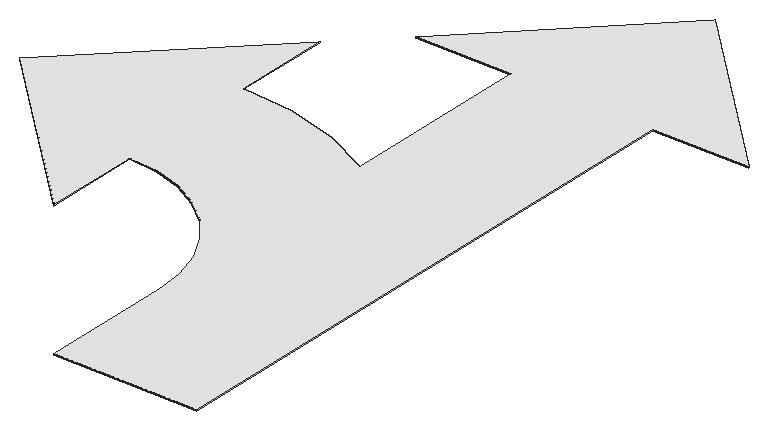
Revit family "6ed5240f4069414e802b6a5439b2725c", category Site, Revit 2021
Family settings
  Round Connector Dimension = Use Diameter
  Part Type = Normal
  Seek Item ID = Direction Arrows - Straight & Turn-0000-USA-ENU
  Work Plane-Based = No
  Always vertical = No
  Cut with Voids When Loaded = No
  Shared = No
Reference planes (in)
  plane 1 "Center (Front/Back)": y = 0
  plane 2: z = 0
  plane 3 "Center (Left/Right)": x = 0
Forms (in)
  Extrusion 1, solid, material "Paint - White"
    sketch origin (0, 0, 0) x (1, 0, 0) y (0, 1, 0)
      loop
        line (-14, 48) -> (-6, 48) -> (-6, 32.13446)
        arc (-6, 32.13446) -> (-11.99879, 34.67633) -> (-18.45584, 35.54416) r 24.45584
        line (-18.45584, 35.54416) -> (-18.45584, 43.54416) -> (-32.45584, 29.54416) -> (-18.45584, 15.54416) -> (-18.45584, 23.54416)
        arc (-18.45584, 23.54416) -> (-9.64823, 19.89592) -> (-6, 11.08831) r 12.45584
        line (-6, 11.08831) -> (-6, 0) -> (6, 0) -> (6, 48) -> (14, 48) -> (0, 62) -> (-14, 48)
    from 0 to 0.0625
